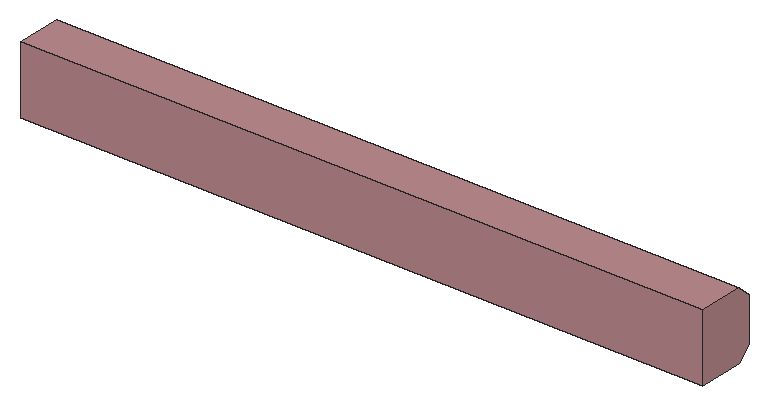
Revit family "WAC_A3-Lintel-Brick-Double-Cant-(UK)", category Generic Models, host Wall, Revit 2016
Family settings
  Host = Wall
  Part Type = Undefined
  Can host rebar = No
  Round Connector Dimension = Use Diameter
  Always vertical = Yes
  Cut with Voids When Loaded = No
  Shared = No
  Room Calculation Point = No
Parameters (values of type "125 x 150mm Deep")
  Opening Width [instance] = 1210.0 mm
  Material Lintol = Masonry - Brick Soldier Course
  Lintol Width = 125.0 mm
  Lintol Offset from Ext = 25.0 mm
  Lintol Length [instance] = Opening Width + 2 * (Lintol Bearing)  # 1510.0 mm
  Lintol Depth = 150.0 mm
  Lintol Bearing = 150.0 mm
  Height to U/S Lintol [instance] = 2110.0 mm
  Chamfer Dist = 25.0 mm
Types (2, lengths in mm): name | Lintol Depth
  125 x 215mm Deep | 215.0
  125 x 150mm Deep | 150.0
Reference planes
  plane 1 "Wall": y = -11.298
  plane 2 "Center (Left/Right)": x = 161.814
  plane 3 "Back": y = 138.702
  plane 4 "U/S Lintol": z = 2260
  plane 5: x = 766.814
  plane 6: x = -443.186
  plane 7: x = 916.814
  plane 8: x = -593.186
  plane 9: y = 163.702
  plane 10: y = 38.702
  plane 11: z = 2110
  plane 12: y = 138.702
  plane 13: z = 2235
  plane 14: z = 2135
Forms (mm)
  Extrusion 1, void
    sketch origin (0, 138.702, 0) x (-1, 0, 0) y (0, 0, 1)
      loop
        line (-916.814, 2260) -> (-916.814, 2110) -> (593.186, 2110) -> (593.186, 2260) -> (-916.814, 2260)
    from 0 to -100
  Extrusion 2, solid, material "Masonry - Brick Soldier Course" <- "Material Lintol"
    sketch origin (0, 138.702, 0) x (1, 0, 0) y (0, 0, 1)
      loop
        line (916.814, 2260) -> (-593.186, 2260) -> (-593.186, 2110) -> (916.814, 2110) -> (916.814, 2260)
    from -25 to 100
  Extrusion 3, void
    sketch origin (161.814, 0, 0) x (0, -1, 0) y (0, 0, 1)
      loop
        line (-163.702, 2235) -> (-138.702, 2260) -> (-163.702, 2260) -> (-163.702, 2235)
      loop
        line (-138.702, 2110) -> (-163.702, 2135) -> (-163.702, 2110) -> (-138.702, 2110)
    from -755 to 755
Cuts and joins
  Extrusion 3 cuts Extrusion 2
Text (mm)
  text "Placement side" at (-1848.837, 1116.779, 0), in view "Ref. Level"
  text "Placement side" at (0, 1409.804, 2854.306), in view "Left"
  text "Placement side" at (0, 499.811, 2980.732), in view "Right"
Dimensions and locks
  locked: plane 3 "Back" to host wall
  equal spacing: plane 5, plane 2 "Center (Left/Right)", plane 6
  "Opening Width": plane 5 to plane 6
  "Lintol Bearing": plane 7 to plane 5
  "Lintol Bearing": plane 6 to plane 8
  "Lintol Offset from Ext": plane 3 "Back" to plane 9
  "Lintol Width": plane 10 to plane 9
  "Lintol Depth": plane 11 to plane 4 "U/S Lintol"
  "Height to U/S Lintol": level to plane 11
  "Chamfer Dist": plane 13 to plane 4 "U/S Lintol"
  "Chamfer Dist": plane 11 to plane 14
  "Chamfer Dist": plane 12 to plane 9
  aligned and locked: plane 1 "Wall" to host wall
  aligned and locked: Extrusion 1 to plane 10
  aligned and locked: host wall to Extrusion 1
  aligned and locked: plane 9 to Extrusion 2
  aligned and locked: Extrusion 2 to plane 10
  aligned and locked: cut or joined group of Extrusion 2, Extrusion 3 to plane 8
  aligned and locked: plane 7 to cut or joined group of Extrusion 2, Extrusion 3
Automatic sketch dimensions
  Extrusion 1 sketch curve to plane 7 = 0.0 mm
  Extrusion 1 sketch curve to plane 8 = 0.0 mm
  Extrusion 1 sketch curve to plane 11 = 0.0 mm
  Extrusion 1 sketch curve to plane 4 "U/S Lintol" = 0.0 mm
  Extrusion 2 sketch curve to plane 4 "U/S Lintol" = 0.0 mm
  Extrusion 2 sketch curve to plane 8 = 0.0 mm
  Extrusion 2 sketch curve to plane 7 = 0.0 mm
  Extrusion 2 sketch curve to plane 11 = 0.0 mm
  Extrusion 3 sketch curve to plane 9 = 0.0 mm  (x2)
  Extrusion 3 sketch curve to plane 4 "U/S Lintol" = 0.0 mm
  Extrusion 3 sketch curve to plane 12 = 0.0 mm  (x2)
  Extrusion 3 sketch curve to plane 11 = 0.0 mm
  Extrusion 3 sketch curve to plane 14 = 0.0 mm
  Extrusion 3 sketch curve to plane 13 = 0.0 mm
